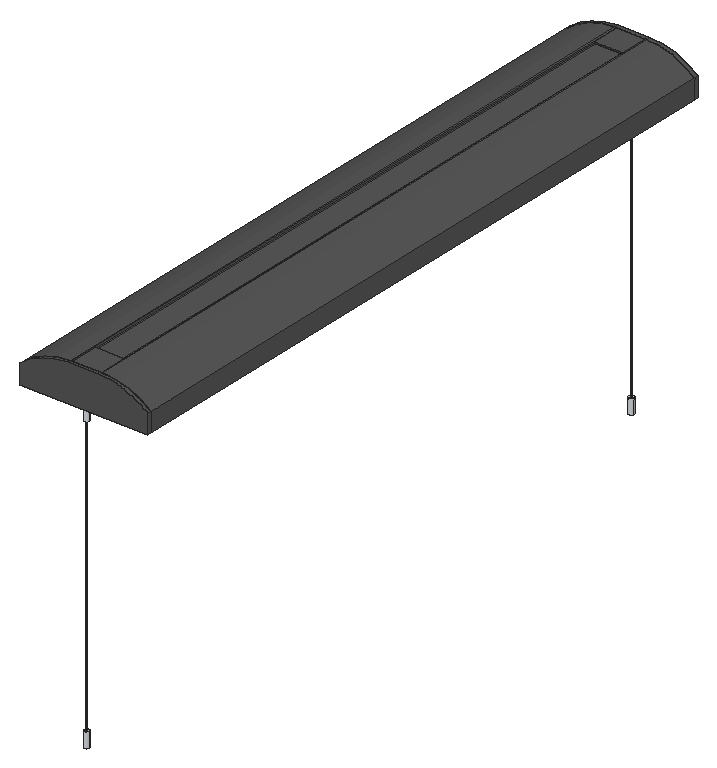
Revit family "SOL-P", category Lighting Fixtures, host Face, Revit 2018
Family settings
  Host = Face
  Round Connector Dimension = Use Diameter
  Part Type = Normal
  Cut with Voids When Loaded = No
  Light Source = Yes
  Shared = Yes
  Room Calculation Point = Yes
Parameters (values of type "4' Direct/ Indirect")
  Wattage = 62.8706 W
  built-in parameter 1150110 = 1 (stored number, unit not read)
  Voltage = 0 V
  built-in parameter 1114217 = 1 (stored number, unit not read)
  Tilt Angle = 90.00°
  built-in parameter 1150109 = 1 (stored number, unit not read)
  built-in parameter 1150134 = 12
  Switch Leg Visibility = no
  Switch Leg [instance] = ""
  Suspension Length [instance] = 2' - 0"
  built-in parameter 1150113 = 1 (stored number, unit not read)
  Photometric Web File = "SOL-L-28-HO-4-40K-8.ies"
  Material [instance] = LUX ILLUMINAIRE Black
  built-in parameter 1150105 = 425.26 (stored number, unit not read)
  Lumens = 5344 lm
  built-in parameter 1150115 = 1 (stored number, unit not read)
  built-in parameter 1150137 = (empty or 0)
  built-in parameter 1150139 = (empty or 0)
  built-in parameter 1150112 = 1 (stored number, unit not read)
  built-in parameter 1150114 = 1 (stored number, unit not read)
  Lamp = "LED"
  built-in parameter 1150132 = 2
  built-in parameter 1150102 = (empty or 0)
  built-in parameter 1150107 = 4000 (stored number, unit not read)
  built-in parameter 1150138 = (empty or 0)
  built-in parameter 1150106 = 4.2526 (stored number, unit not read)
  Fixture Width = 0' - 2 1/4"  # constant formula
  Fixture Symbol Visiblity = yes
  Fixture Length = 4' - 0"
  Emit from Rectangle Width = Fixture Width - 0' 0 1/4"  # 0' - 2"
  Emit from Rectangle Length = Fixture Length  # 4' - 0"
  Emit Shape Visible in Rendering = yes
  Emergency Lighting [instance] = no
  built-in parameter 1150104 = 7.8968 (stored number, unit not read)
  Dimming Lamp Color Temperature Shift = <None>
  Default Elevation = 4' - 0"
  Color Filter = 16777215
  built-in parameter 1140040 [instance] = 1
  built-in parameter 1114218 = 1 (stored number, unit not read)
  built-in parameter 1150133 = 10 (stored number, unit not read)
  Apparent Load = 40.6 VA
Types (2): name | Wattage | Voltage | built-in parameter 1150105 | Lumens | built-in parameter 1150106 | Fixture Length | Emit from Rectangle Length | Apparent Load
  4' Direct/ Indirect | 62.8706 W | 0 V | 425.26 (stored number, unit not read) | 5344 lm | 4.2526 (stored number, unit not read) | 4' - 0" | 4' - 0" | 40.6 VA
  8' Direct/ Indirect | 125.741 W | 120 V | 850.52 (stored number, unit not read) | 10688 lm | 8.5052 (stored number, unit not read) | 8' - 0" | 8' - 0" | 81.2 VA
Reference planes (in)
  plane 1 "Center (Front/Back)": y = 0
  plane 2: z = 0
  plane 3 "Center (Left/Right)": x = 0
  plane 4: x = 1.125
  plane 5: x = -1.125
  plane 6: y = 24
  plane 7: y = -24
  plane 8: z = 24
  plane 9: y = 24.25
  plane 10: y = -24.25
  plane 11: z = 1
  plane 12: z = 21.4
  plane 13: z = 20.65
  plane 14: y = 22
  plane 15: y = -22
Forms (in)
  Extrusion 1, solid, material "LUX ILLUMINAIRE Black" <- "Material"
    sketch origin (0, 0, 0) x (1, 0, 0) y (0, 0, 1)
      loop
        arc (-1.125, 24) -> (-2.92959, 23.67752) -> (-4.5108, 22.75) r 5.21046
        line (-4.5108, 22.75) -> (-4.5108, 21.3985) -> (4.4892, 21.3985) -> (4.4892, 22.75)
        arc (4.4892, 22.75) -> (2.91946, 23.6774) -> (1.125, 24) r 5.15213
        line (1.125, 24) -> (1.04127, 24) -> (1.04127, 23.887) -> (0.88928, 23.90497) -> (-0.8887, 23.90497) -> (-1.04026, 23.887) -> (-1.04026, 24) -> (-1.125, 24)
    from -24 to 24
  Extrusion 2, solid, material "LUX ILLUMINAIRE Black" <- "Material"
    sketch origin (0, 0, 0) x (1, 0, 0) y (0, 0, 1)
      loop
        line (-4.5108, 22.75) -> (-4.5108, 21.3985) -> (4.4892, 21.3985) -> (4.4892, 22.75)
        arc (4.4892, 22.75) -> (2.91946, 23.6774) -> (1.125, 24) r 5.15213
        line (1.125, 24) -> (-1.125, 24)
        arc (-1.125, 24) -> (-2.92959, 23.67752) -> (-4.5108, 22.75) r 5.21046
    from 24 to 24.25
  Extrusion 3, solid
    sketch origin (0, 0, 0) x (1, 0, 0) y (0, 1, 0)
      loop
        circle (0.00029, -24) r 0.1875
    from 0 to 1
  Extrusion 4, solid
    sketch origin (0, 0, 0) x (1, 0, 0) y (0, 1, 0)
      loop
        circle (0.0005, -24) r 0.03125
    from 1 to 20.65
  Extrusion 5, solid
    sketch origin (0, 0, 0) x (1, 0, 0) y (0, 1, 0)
      loop
        circle (0.0005, -24) r 0.18729
    from 20.65 to 21.4
  Extrusion 6, solid, not visible
    sketch origin (0, 0, 0) x (1, 0, 0) y (0, 1, 0)
      loop
        circle (0.00029, -24) r 0.1875
    from 0 to 1
  Extrusion 7, solid, not visible
    sketch origin (0, 0, 0) x (1, 0, 0) y (0, 1, 0)
      loop
        circle (0.0005, -24) r 0.03125
    from 1 to 13.33203
  Extrusion 8, solid, not visible
    sketch origin (0, 0, 0) x (1, 0, 0) y (0, 1, 0)
      loop
        circle (0.0005, -24) r 0.18729
    from 13.33203 to 14.08203
  Extrusion 9, solid, material "LUX ILLUMINAIRE Black" <- "Material"
    sketch origin (0.00056, 24, 0) x (1, 0, 0) y (0, 0, -1)
      loop
        line (-4.51136, -21.3985) -> (-4.51136, -22.75)
        arc (-4.51136, -22.75) -> (-2.93015, -23.67752) -> (-1.12556, -24) r 5.21046
        line (-1.12556, -24) -> (1.12444, -24)
        arc (1.12444, -24) -> (2.9189, -23.6774) -> (4.48864, -22.75) r 5.15213
        line (4.48864, -22.75) -> (4.48864, -21.3985) -> (-4.51136, -21.3985)
    from 0 to 0.25
  Extrusion 10, solid
    sketch origin (0, 0, 0) x (1, 0, 0) y (0, 1, 0)
      loop
        circle (0.00029, 24) r 0.1875
    from 0 to 1
  Extrusion 11, solid
    sketch origin (0, 0, 0) x (1, 0, 0) y (0, 1, 0)
      loop
        circle (0.0005, 24) r 0.03125
    from 1 to 20.65
  Extrusion 12, solid
    sketch origin (0, 0, 0) x (1, 0, 0) y (0, 1, 0)
      loop
        circle (0.0005, 24) r 0.18729
    from 20.65 to 21.4
  Extrusion 13, solid, material "LUX ILLUMINAIRE Black" <- "Material"
    sketch origin (0, 0, 0) x (1, 0, 0) y (0, 0, 1)
      loop
        line (-1.04026, 24) -> (-1.04026, 23.887) -> (1.04127, 23.887) -> (1.04127, 24) -> (-1.04026, 24)
    from 22 to 24
  Extrusion 14, solid, material "LUX ILLUMINAIRE Black" <- "Material"
    sketch origin (0, 0, 0) x (1, 0, 0) y (0, 0, 1)
      loop
        line (-1.04026, 24) -> (-1.04026, 23.887) -> (1.04127, 23.887) -> (1.04127, 24) -> (-1.04026, 24)
    from -22 to -24
Lines and regions (in)
  symbolic lines, visible <- "Fixture Symbol Visiblity"
    curve 1: line (-4.5108, 24, 0) -> (4.4892, 24, 0)
    curve 2: line (-4.5108, -24, 0) -> (-4.5108, 24, 0)
    curve 3: line (4.4892, -24, 0) -> (-4.5108, -24, 0)
    curve 4: line (4.4892, 24, 0) -> (4.4892, -24, 0)
Dimensions and locks (in)
  plane 5 to plane 4 = 0' - 2 1/4"
  equal spacing: plane 7, plane 1 "Center (Front/Back)", plane 6
  "Fixture Length": plane 7 to plane 6
  plane 8 to host face = 2' - 0"
  locked: plane 6 to plane 9 at 0.25
  locked: plane 10 to plane 7 at 0.25
  "Suspension Length": plane 8 to level
  "Fixture Width": plane 4 to plane 5
  equal spacing: plane 4, plane 3 "Center (Left/Right)", plane 5
  locked: nested 2 to plane 10 at 9.5
  plane 8 to plane 12 to plane 13 = 0' - 2.6" locked, 0' - 0 3/4" locked
  locked: plane 8 to imposter light at 0.05558
  locked: nested 3 to plane 12 at 0.09236
  locked: plane 6 to plane 14 at 2
  locked: plane 15 to plane 7 at 2
  aligned and locked: plane 2 to host face
  aligned and locked: level to host face
  aligned and locked: plane 6 to Extrusion 9
  aligned and locked: Extrusion 1 to plane 6
  aligned and locked: plane 10 to Extrusion 2
  aligned and locked: Extrusion 2 to plane 7
  aligned and locked: plane 7 to Extrusion 1
  aligned and locked: Extrusion 9 to plane 9
  aligned and locked: plane 12 to Extrusion 12
  aligned and locked: Extrusion 12 to plane 13
  aligned and locked: plane 13 to Extrusion 11
  aligned and locked: plane 12 to Extrusion 5
  aligned and locked: Extrusion 5 to plane 13
  aligned and locked: plane 13 to Extrusion 4
  aligned and locked: plane 7 to nested 1
  aligned and locked: plane 6 to curve 1
  aligned and locked: curve 3 to plane 7
  aligned and locked: nested 1 to plane 6
  aligned and locked: plane 8 to Extrusion 9
  aligned and locked: plane 8 to Extrusion 2
  aligned and locked: Extrusion 1 to Extrusion 2 sketch curve
  aligned and locked: Extrusion 2 sketch curve to Extrusion 1
  aligned and locked: plane 7 to Extrusion 13
  aligned and locked: Extrusion 13 to plane 15
  aligned and locked: Extrusion 14 to plane 6
  aligned and locked: plane 14 to Extrusion 14
  aligned and locked: curve 4 to Extrusion 1
  aligned and locked: curve 2 to Extrusion 1
Automatic sketch dimensions
  host sketch curve to host sketch curve = 8' - 0"  (x2)
  plane 7 to Extrusion 3 sketch curve = 0' - 0"
  plane 3 "Center (Left/Right)" to Extrusion 3 sketch curve = 0' - 0.00029"
  plane 7 to Extrusion 4 sketch curve = 0' - 0"
  plane 3 "Center (Left/Right)" to Extrusion 4 sketch curve = 0' - 0.0005"
  plane 7 to Extrusion 5 sketch curve = 0' - 0"
  plane 3 "Center (Left/Right)" to Extrusion 5 sketch curve = 0' - 0.0005"
  plane 6 to Extrusion 10 sketch curve = 0' - 0"
  plane 3 "Center (Left/Right)" to Extrusion 10 sketch curve = 0' - 0.00029"
  plane 6 to Extrusion 11 sketch curve = 0' - 0"
  plane 3 "Center (Left/Right)" to Extrusion 11 sketch curve = 0' - 0.0005"
  plane 6 to Extrusion 12 sketch curve = 0' - 0"
  plane 3 "Center (Left/Right)" to Extrusion 12 sketch curve = 0' - 0.0005"
  Extrusion 1 sketch curve to plane 8 = 0' - 1 1/4"  (x2)
  Extrusion 1 sketch curve to plane 5 = 0' - 0"
  Extrusion 1 sketch curve to plane 8 = 0' - 0"  (x2)
  Extrusion 1 sketch curve to plane 4 = 0' - 0"
  Extrusion 1 sketch curve to plane 12 = 0' - 0.0015"
  plane 5 to Extrusion 1 sketch curve = 0' - 0.08474"
  Extrusion 1 sketch curve to plane 8 = 0' - 0.09503"
  Extrusion 1 sketch curve to Extrusion 1 sketch curve = 0' - 0.15157"
  Extrusion 1 sketch curve to plane 4 = 0' - 0.23572"
  Extrusion 1 sketch curve to plane 4 = 0' - 0.08373"
  Extrusion 1 sketch curve to plane 13 = 0' - 1.80213"
  Extrusion 1 sketch curve to plane 13 = 0' - 1.86046"
  Extrusion 1 sketch curve to plane 8 = 0' - 0.113"  (x2)
  Extrusion 2 sketch curve to plane 5 = 0' - 0"
  Extrusion 2 sketch curve to plane 4 = 0' - 0"
  Extrusion 2 sketch curve to plane 8 = 0' - 0"
  Extrusion 2 sketch curve to plane 12 = 0' - 0.0015"
  Extrusion 2 sketch curve to plane 8 = 0' - 1 1/4"  (x2)
  Extrusion 9 sketch curve to plane 4 = 0' - 0"
  Extrusion 9 sketch curve to plane 8 = 0' - 0"
  Extrusion 9 sketch curve to plane 12 = 0' - 0.0015"
  Extrusion 9 sketch curve to plane 13 = 0' - 1.80213"
  Extrusion 9 sketch curve to plane 13 = 0' - 1.86046"
  Extrusion 9 sketch curve to Extrusion 9 sketch curve = 0' - 1 1/4"
  Extrusion 9 sketch curve to plane 5 = 0' - 0"
  Extrusion 9 sketch curve to plane 8 = 0' - 1 1/4"
  Extrusion 13 sketch curve to plane 8 = 0' - 0"
  plane 5 to Extrusion 13 sketch curve = 0' - 0.08474"
  Extrusion 13 sketch curve to plane 4 = 0' - 0.08373"
  Extrusion 13 sketch curve to plane 8 = 0' - 0.113"
  Extrusion 14 sketch curve to plane 8 = 0' - 0"
  plane 5 to Extrusion 14 sketch curve = 0' - 0.08474"
  Extrusion 14 sketch curve to plane 4 = 0' - 0.08373"
  Extrusion 14 sketch curve to plane 8 = 0' - 0.113"
  radius of Extrusion 3 sketch curve = 0' - 0 3/16"
  radius of Extrusion 4 sketch curve = 0' - 0 1/32"
  radius of Extrusion 5 sketch curve = 0' - 0.18729"
  radius of Extrusion 6 sketch curve = 0' - 0 3/16"
  radius of Extrusion 7 sketch curve = 0' - 0 1/32"
  radius of Extrusion 8 sketch curve = 0' - 0.18729"
  radius of Extrusion 10 sketch curve = 0' - 0 3/16"
  radius of Extrusion 11 sketch curve = 0' - 0 1/32"
  radius of Extrusion 12 sketch curve = 0' - 0.18729"
Nested families (in)
  nested 1: "Emergency Symbol Rectangle" at (-14.29769, 0, 0) x (0, 1, 0) z (0, 0, 1), visible <- "Emergency Lighting", type "Emergency Symbol Rectangle"
    with Width 1' - 10.07377", Length 4' - 0"
  nested 2: "Switch Leg Annotation" at (9.99627, -14.75, 0) x (0, 1, 0) z (0, 0, 1), visible <- "Switch Leg Visibility", Switch Leg Annotation <- "Switch Leg", type "Switch Leg Annotation"
    with Switch Leg Annotation ""
  nested 3: "Indirect Light Source 2" at (-8.67032, 0.00882, -32.69236) x (0, 1, 0) z (0, 0, 1), type "Indirect Light Source 2"
Connectors (in)
  electrical at (0.00029, 24, 0), driven by "Apparent Load", driven by "Voltage"
    settings: on Extrusion 10, index 1, voltage 0 V, apparent load 0 VA, apparent load phase1 40.6 VA, apparent load phase2 0 VA, apparent load phase3 0 VA, power factor 1, load classification "Other", number of poles 1, system type 31, power factor state 1, is connector primary yes, connector utility no, sub classification motor no, connector description ""
Definition of nested family "Emergency Symbol Rectangle"
  Parameters (values of type "Emergency Symbol Rectangle")
    Width [instance] = 0' - 8 1/2"
    Length [instance] = 5' - 0"
    Emergency Visibility = no
  Reference planes (in)
    plane 1 "Center (Front/Back)": y = -7.75
    plane 2: z = 0
    plane 3 "Center (Left/Right)": x = -24
    plane 4: x = 24
    plane 5: x = -36
    plane 6: y = -3.5
    plane 7: y = -12
  Lines and regions (in)
    Filled region 1, type "Solid Fill - Black", in view "Ref. Level", detail levels coarse+medium
      outline origin (0, 0.25, 0) x (1, 0, 0) y (0, 1, 0)
        loop
          line (-36, -12.25) -> (24, -12.25) -> (-36, -10.125) -> (-36, -12.25)
  Dimensions and locks (in)
    equal spacing: plane 7, plane 1 "Center (Front/Back)", plane 6
    "Width": plane 7 to plane 6
    "Length": plane 5 to plane 4
    aligned and locked: plane 5 to Filled region 1
  Automatic sketch dimensions
    plane 1 "Center (Front/Back)" to Filled region 1 sketch curve = 0' - 2 1/8"
    Filled region 1 sketch curve to plane 3 "Center (Left/Right)" = 1' - 0"
    Filled region 1 sketch curve to plane 4 = 0' - 0"
    Filled region 1 sketch curve to plane 7 = 0' - 0"
Definition of nested family "Switch Leg Annotation"
  Parameters (values of type "Switch Leg Annotation")
    Switch Leg Annotation [instance] = ""
  Reference planes (in)
    plane 1: y = 0
    plane 2: x = 0
  Text (in)
    label "a" at (0.00527, 0.01239, 0), shows "Switch Leg Annotation"
Definition of nested family "Indirect Light Source 2"
  Parameters (values of type "Indirect Light Source 2")
    Wattage = 20 W
    built-in parameter 1150110 = 1 (stored number, unit not read)
    built-in parameter 1114217 = 1 (stored number, unit not read)
    built-in parameter 1150109 = 1 (stored number, unit not read)
    built-in parameter 1150134 = (empty or 0)
    built-in parameter 1150113 = 1 (stored number, unit not read)
    Lumens = 1700 lm
    built-in parameter 1150115 = 1 (stored number, unit not read)
    built-in parameter 1150105 = 541.13 (stored number, unit not read)
    Light Source Symbol Size = 2' - 0"
    built-in parameter 1150137 = (empty or 0)
    built-in parameter 1150139 = (empty or 0)
    built-in parameter 1150112 = 1 (stored number, unit not read)
    built-in parameter 1150114 = 1 (stored number, unit not read)
    built-in parameter 1150132 = (empty or 0)
    built-in parameter 1150102 = (empty or 0)
    built-in parameter 1150138 = (empty or 0)
    built-in parameter 1150107 = 3500 (stored number, unit not read)
    built-in parameter 1150106 = 5.4113 (stored number, unit not read)
    Emit from Rectangle Width = 0' - 8"
    Emit from Rectangle Length = 4' - 0"
    Emit Shape Visible in Rendering = yes
    built-in parameter 1150104 = 7.8968 (stored number, unit not read)
    Dimming Lamp Color Temperature Shift = (empty or 0)
    Color Filter = 16777215
    built-in parameter 1114218 = 1 (stored number, unit not read)
    built-in parameter 1150133 = 10 (stored number, unit not read)
  Reference planes (in)
    plane 1 "Light Source Axis (F/B)": y = -8.60801
    plane 2: z = 0
    plane 3 "Light Source Axis (L/R)": x = 0
    plane 4 "Light Source Elevation": z = 54
    plane 5: z = 0
  Lines and regions (in)
    model lines
      curve 1: line (-22, -8.60801, 54) -> (21, -8.60801, 54)
  Dimensions and locks (in)
    aligned and locked: plane 3 "Light Source Axis (L/R)" to imposter light
    aligned and locked: level to plane 5
